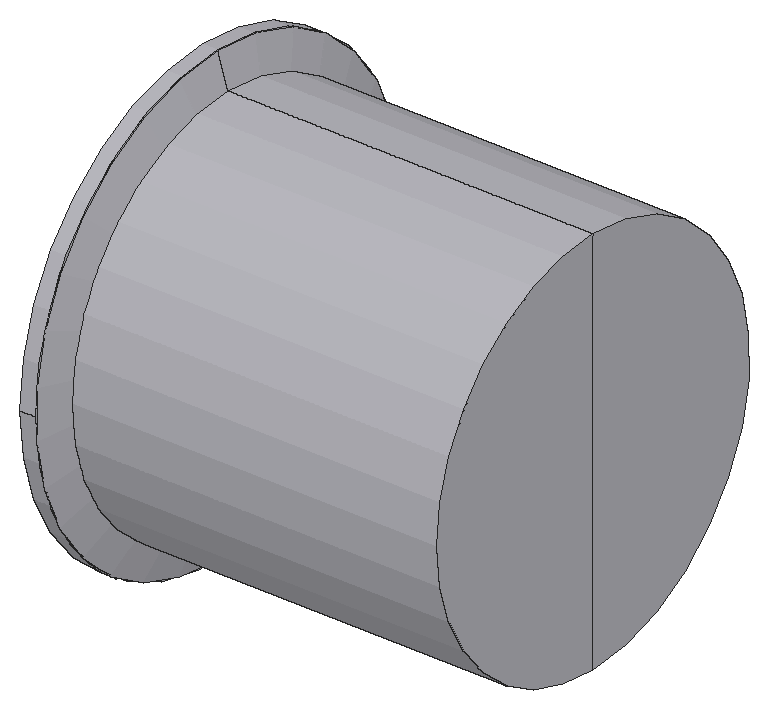
Revit family "14WLMP Sanitary Long Tank Ferrule-316L", category Pipe Accessories, Revit 2018
Family settings
  Round Connector Dimension = Use Diameter
  Part Type = Normal
  Work Plane-Based = No
  Always vertical = Yes
  Cut with Voids When Loaded = No
  Shared = No
Parameters (values of type "14WLMP Sanitary Long Tank Ferrule-316L")
  void1 [instance] = 0.021"  # constant formula
  pipe radius [instance] = Nominal Diameter / 2  # 2.000"
  Weight [instance] = size_lookup(LookupTable, "Weight", "NA", Nominal Diameter)  # "0.77 lbs."
  URL = "http://www.fnw.com"
  Standards Lookup Table = "Standards"  # constant formula
  R1 [instance] = size_lookup(LookupTable, "R1", 0.000", Nominal Diameter)  # 2.341"
  Product ID [instance] = size_lookup(LookupTable, "ProductID", "NA", Nominal Diameter)  # "4829852"
  Part Number [instance] = size_lookup(LookupTable, "PartNumber", "NA", Nominal Diameter)  # "G14WLMP76P"
  Nominal Diameter [instance] = 4"
  LookupTable = "14WLMP Sanitary Long Tank Ferrule-316L"  # constant formula
  FT1 [instance] = size_lookup(LookupTable, "FT1", 0.000", Nominal Diameter)  # 0.156"
  Description BOM [instance] = size_lookup(LookupTable, "Description_BOM", "NA", Nominal Diameter)  # "4 316L CLMPXBW LD TANK FERL #7"
  A [instance] = size_lookup(LookupTable, "A", 0.000", Nominal Diameter)  # 4.000"
Reference planes (in)
  plane 1 "Center (Front/Back)": y = 0
  plane 2: z = 0
  plane 3 "Center (Left/Right)": x = 0
  plane 4: z = 2
  plane 5: x = -2
  plane 6: x = 2
  plane 7: z = 2.341
  plane 8: x = -1.844
Forms (in)
  Extrusion 1, solid, material "Steel, Stainless"
    sketch origin (0, 0, 0) x (0, 1, 0) y (0, 0, 1)
      loop
        circle (0, 0) r 2
      loop
        circle (0, 0) r 2.341
    from -2 to -1.844
  Revolve 2, solid, material "Steel, Stainless"
    sketch origin (0, 0, 0) x (1, 0, 0) y (0, 0, 1)
      loop
        line (-1.74421, 2) -> (-1.844, 2.341) -> (-1.844, 0) -> (2, 0) -> (2, 2) -> (-1.74421, 2)
      axis (2, 0) -> (-1.844, 0)
    angle from 0 to 360
Text (in)
  text "1/2\" shown" at (2.42436, 0, -2.37906), in view "Front"
Dimensions and locks (in)
  equal spacing: plane 6, plane 3 "Center (Left/Right)", plane 5
  "A": plane 6 to plane 5
  "pipe radius": plane 4 to plane 2
  "R1": plane 7 to plane 2
  "FT1": plane 8 to plane 5
  "pipe radius": radius of Extrusion 1 sketch curve
  "R1": radius of Extrusion 1 sketch curve
  aligned and locked: plane 2 to level
  aligned and locked: Extrusion 1 to plane 5
  aligned and locked: Extrusion 1 to plane 8
  aligned and locked: Extrusion 1 to Revolve 2 sketch curve
  aligned and locked: plane 2 to Revolve 2 sketch curve
  aligned and locked: Revolve 2 sketch curve to plane 6
Automatic sketch dimensions
  Revolve 2 sketch curve to level = 0.000"
  Revolve 2 sketch curve to plane 7 = 0.000"
  Revolve 2 sketch curve to plane 5 = 0.33887"
  plane 8 to Revolve 2 sketch curve = 0.09979"
  plane 8 to Revolve 2 sketch curve = 0.15013"
  Revolve 2 sketch curve to plane 4 = 0.000"
  Extrusion 1 sketch curve to Extrusion 1 sketch curve = 0.000"  (x2)
  Extrusion 1 sketch curve to level = 0.000"
  Extrusion 1 sketch curve to plane 1 "Center (Front/Back)" = 0.000"
Connectors (in)
  piping at (-2, 0, 0), diameter 4, driven by "Nominal Diameter"
    settings: on Extrusion 1, index 1, connector inside diameter 24", connector length 0.000", flow factor 0, pipe flow 0 GPM, pressure drop 0.00 psi, fitting loss kfactor 0, connector angle 0.00°, fixture units 0, engagement length 0.000", angle of deflection 0.00°, flow configuration 0, flow direction 0, fitting loss method 0, system type 16, joint type 0, gender type 0, connector reference index -1, connector utility 0, adjustable connector no, is connector primary yes, connector description ""
  piping at (2, 0, 0), diameter 4, driven by "Nominal Diameter"
    settings: on Revolve 2, index 2, connector inside diameter 24", connector length 0.000", flow factor 0, pipe flow 0 GPM, pressure drop 0.00 psi, fitting loss kfactor 0, connector angle 0.00°, fixture units 0, engagement length 0.000", angle of deflection 0.00°, flow configuration 0, flow direction 0, fitting loss method 0, system type 16, joint type 0, gender type 0, connector reference index -1, connector utility 0, adjustable connector no, is connector primary no, connector description ""
